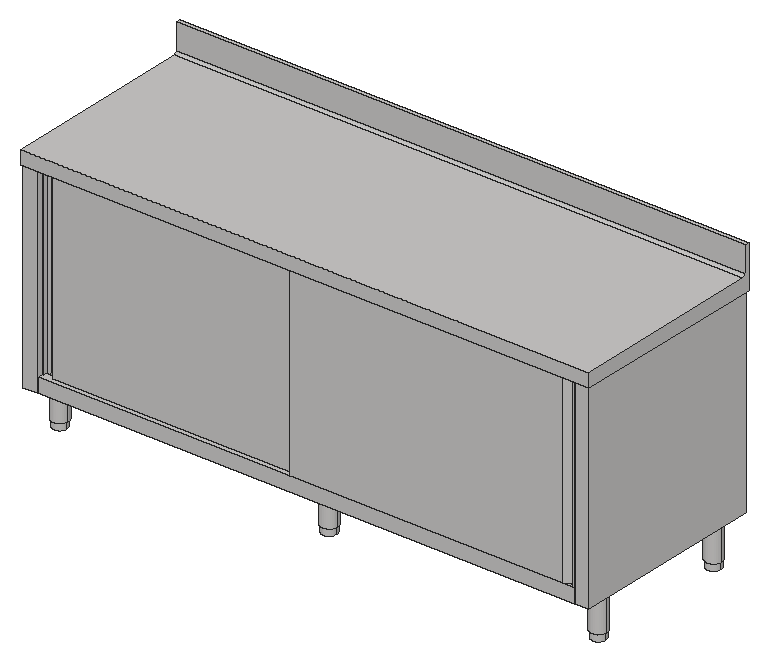
Revit family "QF_ZANUSSI_132867_MS2017N", category Attrezzature speciali, Revit 2020
Family settings
  Quota connettore circolare = Usa diametro
  Tipo di parte = Normale
  Basato su piano di lavoro = No
  Sempre verticale = Sì
  Taglio con vuoti quando caricato = No
  Condiviso = No
  Punto di calcolo locali = No
Parameters (values of type "Standard")
  Weight = 75.00 kg
  Watts = 0 W
  Volts = 0 V
  URL Manufacturer = "http://www.zanussiprofessional.com"
  URL = "http://www.zanussiprofessional.com"
  Steam Supply Size = 0 mm
  Steam Supply Minimum Pressure = 0.0 Pa
  Steam Supply Maximum Pressure = 0.0 Pa
  Steam Consumption per Hour = 0
  Refrigeration Suction Line Size = 0.0 mm
  Refrigeration Liquid Line Size = 0.0 mm
  Refrigerant Compressor Remote = yes
  Prospetto di default = 0.0 mm
  Produttore = "Zanussi"
  Phase = 0
  Modello = "MS2017N"
  Length Actual = 2000.0 mm  # constant formula
  Item Number = "132867"
  Hot Water Size = 0 mm
  Height Actual = 1000.0 mm  # constant formula
  HP = "0 HP"
  Gas Size = 0 mm
  Gas KW = 0
  Gas Input Pressure = 0 W
  Direct Waste Size = 0 mm
  Descrizione = "WORKTOP CUPBOARD WITH UPSTAND 2000MM"
  Depth Actual = 700.0 mm  # constant formula
  Cycle = 0 Hz
  Condensate Return Size = 0 mm
  Compressed Air Volume = 0.0 L/s
  Compressed Air Size = 0 mm
  Compressed Air Pressure = 0.0 Pa
  Cold Water Size = 0 mm
  Accessory = yes
Reference planes
  plane 1 "Center (Front/Back)": y = 0
  plane 2: z = 0
  plane 3 "Center (Left/Right)": x = -500
  plane 4 "LEFT": x = -1500
  plane 5 "RIGHT": x = 500
  plane 6 "BACK": y = 350
  plane 7 "FRONT": y = -350
  plane 8 "Base": z = 850
  plane 9 "TOP": z = 900
  plane 10: x = -1446.9
  plane 11: x = 446.9
  plane 12: y = 264.5
  plane 13: y = -241.9
  plane 14 "BodyLeft": x = -1494.5
  plane 15 "BodyFront": y = -344.5
  plane 16 "BodyRight": x = 494.5
  plane 17 "BodyBack": y = 344.5
  plane 18 "FEET": z = 150
  plane 19: x = -444.5
  plane 20: x = -555.5
Forms (mm)
  Extrusion 1, solid, material "QF_Finishes_Stainless Steel"
    sketch origin (-500, 0, 0) x (0, 1, 0) y (0, 0, 1)
      loop
        line (-350, 850) -> (350, 850) -> (350, 1000) -> (337, 1000) -> (337, 910)
        arc (337, 910) -> (334.071, 902.929) -> (327, 900) r 10
        line (327, 900) -> (-350, 900) -> (-350, 850)
    from 1000 to -1000
  Extrusion 2, solid, material "QF_Finishes_Stainless Steel"
    sketch origin (0, 0, 150) x (-1, 0, 0) y (0, -1, 0)
      loop
        line (1494.5, -344.5) -> (1494.5, 344.5) -> (1444.5, 344.5) -> (1444.5, -344.5) -> (1494.5, -344.5)
      loop
        line (-444.5, -344.5) -> (-444.5, 344.5) -> (-494.5, 344.5) -> (-494.5, -344.5) -> (-444.5, -344.5)
    from 0 to 700
  Extrusion 3, solid, material "QF_Finishes_Stainless Steel"
    sketch origin (0, 0, 150) x (-1, 0, 0) y (0, -1, 0)
      loop
        line (1443.585, -344.5) -> (1443.585, 344.5) -> (-444.5, 344.5) -> (-444.5, -344.5) -> (1443.585, -344.5)
    from 0 to 50
  Extrusion 4, solid, material "QF_Finishes_Stainless Steel"
    sketch origin (0, 0, 150) x (-1, 0, 0) y (0, -1, 0)
      loop
        line (1443.585, -344.5) -> (1443.585, -294.5) -> (-444.5, -294.5) -> (-444.5, -344.5) -> (1443.585, -344.5)
    from 50 to 700
  Extrusion 5, solid, material "QF_Finishes_Stainless Steel"
    sketch origin (0, 0, 150) x (-1, 0, 0) y (0, -1, 0)
      loop
        line (-444.5, 344.5) -> (-444.5, 324.5) -> (555.5, 324.5) -> (555.5, 344.5) -> (-404.5, 344.5) -> (-424.5, 329.5) -> (-439.5, 329.5) -> (-439.5, 344.5) -> (-444.5, 344.5)
    from 50 to 700
  Extrusion 6, solid, material "QF_Finishes_Stainless Steel"
    sketch origin (0, 20, 150) x (1, 0, 0) y (0, 1, 0)
      loop
        line (-1444.5, -344.5) -> (-1439.5, -344.5) -> (-1439.5, -329.5) -> (-1424.5, -329.5) -> (-1404.5, -344.5) -> (-444.5, -344.5) -> (-444.5, -324.5) -> (-1444.5, -324.5) -> (-1444.5, -344.5)
    from 50 to 700
Lines and regions (mm)
  symbolic lines
    curve 1: line (500, 350, 900) -> (-1500, 350, 900)
    curve 2: line (-1500, 350, 900) -> (-1500, -350, 900)
    curve 3: line (-1500, -350, 900) -> (500, -350, 900)
    curve 4: line (500, -350, 900) -> (500, 350, 900)
    curve 5: line (-1500, 337, 900) -> (500, 337, 900)
  symbolic lines, style "SpecialityEquipmentHiddenLines"
    curve 6: line (-1494.5, -344.5, 150) -> (-1494.5, 344.5, 150)
    curve 7: line (-1494.5, 344.5, 150) -> (494.5, 344.5, 150)
    curve 8: line (494.5, 344.5, 150) -> (494.5, -344.5, 150)
    curve 9: line (494.5, -344.5, 150) -> (-1494.5, -344.5, 150)
    curve 10: line (-1444.5, -304.5, 150) -> (-444.5, -304.5, 150)
    curve 11: line (-444.5, -304.5, 150) -> (-444.5, -324.5, 150)
    curve 12: line (444.5, -324.5, 150) -> (-1444.5, -324.5, 150)
    curve 13: line (-1444.5, -324.5, 150) -> (-1444.5, -304.5, 150)
    curve 14: line (-555.5, -344.5, 150) -> (-555.5, -324.5, 150)
Dimensions and locks
  plane 4 "LEFT" to plane 5 "RIGHT" = 2000.0 mm
  equal spacing: plane 4 "LEFT", plane 3 "Center (Left/Right)", plane 5 "RIGHT"
  locked: plane 8 "Base" to level at 850
  locked: Extrusion 1 to level at 1000
  plane 9 "TOP" to level = 900.0 mm
  plane 6 "BACK" to plane 7 "FRONT" = 700.0 mm
  equal spacing: plane 6 "BACK", plane 1 "Center (Front/Back)", plane 7 "FRONT"
  locked: plane 4 "LEFT" to plane 14 "BodyLeft" at 5.5
  locked: plane 16 "BodyRight" to plane 5 "RIGHT" at 5.5
  locked: plane 15 "BodyFront" to plane 7 "FRONT" at 5.5
  locked: plane 6 "BACK" to plane 17 "BodyBack" at 5.5
  locked: plane 14 "BodyLeft" to plane 10 at 47.6
  locked: plane 11 to plane 16 "BodyRight" at 47.6
  locked: plane 13 to plane 15 "BodyFront" at 102.6
  locked: plane 17 "BodyBack" to plane 12 at 80
  plane 10 to plane 11 = 1893.8 mm
  plane 12 to plane 13 = 506.4 mm
  locked: plane 14 "BodyLeft" to Extrusion 2 sketch curve at 50
  locked: Extrusion 2 sketch curve to Extrusion 2 sketch curve at 50
  Extrusion 3 to Extrusion 4 sketch curve = 50.0 mm
  Extrusion 2 to plane 19 = 1000.0 mm
  plane 20 to Extrusion 2 = 1000.0 mm
  locked: plane 18 "FEET" to level at 150
  aligned and locked: level to plane 2
  aligned and locked: plane 10 to nested 1
  aligned and locked: nested 1 to plane 13
  aligned and locked: plane 11 to nested 2
  aligned and locked: nested 2 to plane 13
  aligned and locked: plane 11 to nested 4
  aligned and locked: nested 4 to plane 12
  aligned and locked: plane 10 to nested 3
  aligned and locked: nested 3 to plane 12
  aligned and locked: Extrusion 1 to plane 4 "LEFT"
  aligned and locked: plane 5 "RIGHT" to Extrusion 1
  aligned and locked: curve 2 to plane 4 "LEFT"
  aligned and locked: plane 17 "BodyBack" to Extrusion 2 sketch curve
  aligned and locked: Extrusion 2 sketch curve to plane 15 "BodyFront"
  aligned and locked: Extrusion 2 sketch curve to plane 14 "BodyLeft"
  aligned and locked: plane 16 "BodyRight" to Extrusion 2 sketch curve
  aligned and locked: Extrusion 2 sketch curve to plane 17 "BodyBack"
  aligned and locked: plane 15 "BodyFront" to Extrusion 2 sketch curve
  aligned and locked: Extrusion 3 sketch curve to plane 17 "BodyBack"
  aligned and locked: plane 15 "BodyFront" to Extrusion 3 sketch curve
  aligned and locked: plane 8 "Base" to Extrusion 2
  aligned and locked: plane 8 "Base" to Extrusion 5
  aligned and locked: Extrusion 5 to Extrusion 3
  aligned and locked: Extrusion 6 sketch curve to plane 19
  aligned and locked: Extrusion 5 sketch curve to plane 20
  aligned and locked: curve 7 to plane 17 "BodyBack"
  aligned and locked: Extrusion 2 to plane 14 "BodyLeft"
  aligned and locked: plane 16 "BodyRight" to curve 8
  aligned and locked: plane 15 "BodyFront" to curve 9
  aligned and locked: plane 3 "Center (Left/Right)" to nested 5
  aligned and locked: plane 3 "Center (Left/Right)" to nested 6
Automatic sketch dimensions
  curve 3 to plane 7 "FRONT" = 0.0 mm
  curve 5 to plane 5 "RIGHT" = 0.0 mm
  curve 4 to plane 6 "BACK" = 0.0 mm
  curve 5 to plane 17 "BodyBack" = 7.5 mm
  Extrusion 1 sketch curve to plane 7 "FRONT" = 0.0 mm
  Extrusion 1 sketch curve to plane 9 "TOP" = 0.0 mm
  Extrusion 1 sketch curve to plane 6 "BACK" = 0.0 mm
  Extrusion 1 sketch curve to plane 8 "Base" = 0.0 mm
  Extrusion 1 sketch curve to plane 17 "BodyBack" = 17.5 mm
  Extrusion 1 sketch curve to plane 17 "BodyBack" = 7.5 mm
  Extrusion 1 sketch curve to Extrusion 1 sketch curve = 90.0 mm
  Extrusion 5 sketch curve to plane 15 "BodyFront" = 0.0 mm  (x2)
  Extrusion 5 sketch curve to plane 11 = 2.4 mm
  Extrusion 5 sketch curve to Extrusion 5 sketch curve = 5.0 mm
  Extrusion 5 sketch curve to Extrusion 5 sketch curve = 15.0 mm
  Extrusion 5 sketch curve to Extrusion 5 sketch curve = 20.0 mm
  plane 15 "BodyFront" to Extrusion 5 sketch curve = 15.0 mm
  plane 15 "BodyFront" to Extrusion 5 sketch curve = 20.0 mm
  Extrusion 6 sketch curve to plane 15 "BodyFront" = 20.0 mm  (x2)
  Extrusion 6 sketch curve to plane 10 = 2.4 mm
  Extrusion 6 sketch curve to Extrusion 6 sketch curve = 5.0 mm
  Extrusion 6 sketch curve to Extrusion 6 sketch curve = 15.0 mm
  Extrusion 6 sketch curve to Extrusion 6 sketch curve = 20.0 mm  (x2)
  Extrusion 6 sketch curve to plane 15 "BodyFront" = 35.0 mm
  Extrusion 3 sketch curve to plane 11 = 2.4 mm
  plane 10 to Extrusion 3 sketch curve = 3.315 mm
  Extrusion 4 sketch curve to plane 11 = 2.4 mm
  plane 10 to Extrusion 4 sketch curve = 3.315 mm
  curve 10 to plane 19 = 0.0 mm
  curve 14 to plane 20 = 0.0 mm
  curve 7 to plane 14 "BodyLeft" = 0.0 mm
  plane 10 to curve 13 = 2.4 mm
  curve 10 to curve 13 = 20.0 mm
  curve 12 to plane 11 = 2.4 mm
  plane 15 "BodyFront" to curve 14 = 20.0 mm
Nested families
  nested 1: "FEET_D58-150" at (-1446.9, -241.9, 0), type "FEET_D58-150"
  nested 2: "FEET_D58-150" at (446.9, -241.9, 0), type "FEET_D58-150"
  nested 3: "FEET_D58-150" at (-1446.9, 264.5, 0), type "FEET_D58-150"
  nested 4: "FEET_D58-150" at (446.9, 264.5, 0), type "FEET_D58-150"
  nested 5: "FEET_D58-150" at (-500, -241.9, 0), type "FEET_D58-150"
  nested 6: "FEET_D58-150" at (-500, 264.5, 0), type "FEET_D58-150"
Definition of nested family "FEET_D58-150"
  Parameters
    Default Elevation = 0.0 mm
    FEET = 150.0 mm
  Reference planes
    plane 1 "Center (Front/Back)": y = 0
    plane 2: z = 0
    plane 3 "Center (Left/Right)": x = 0
    plane 4: z = 150
  Forms (mm)
    Extrusion 1, solid
      sketch origin (0, 0, 0) x (1, 0, 0) y (0, 1, 0)
        loop
          circle (0, 0) r 25
      from 0 to 25
    Extrusion 2, solid
      sketch origin (0, 0, 0) x (1, 0, 0) y (0, 1, 0)
        loop
          circle (0.061, 0) r 29
      from 25 to 150 <- "FEET"
  Lines and regions (mm)
    symbolic lines
      curve 1: line (0, -1.503, 0) -> (0, 1.508, 0)
      curve 2: line (1.561, 0, 0) -> (-1.439, 0, 0)
  Dimensions and locks
    "FEET": plane 4 to plane 2
    aligned and locked: level to plane 2
  Automatic sketch dimensions
    plane 1 "Center (Front/Back)" to Extrusion 1 sketch curve = 0.0 mm
    Extrusion 1 sketch curve to plane 3 "Center (Left/Right)" = 0.0 mm
    plane 1 "Center (Front/Back)" to curve 2 = 0.0 mm
    curve 1 to plane 3 "Center (Left/Right)" = 0.0 mm
    curve 2 to plane 3 "Center (Left/Right)" = 1.439 mm
    plane 3 "Center (Left/Right)" to curve 2 = 1.561 mm
    plane 1 "Center (Front/Back)" to curve 1 = 1.503 mm
    curve 1 to plane 1 "Center (Front/Back)" = 1.508 mm
    plane 1 "Center (Front/Back)" to Extrusion 2 sketch curve = 0.0 mm
    plane 3 "Center (Left/Right)" to Extrusion 2 sketch curve = 0.061 mm
    radius of Extrusion 1 sketch curve = 25.0 mm
    radius of Extrusion 2 sketch curve = 29.0 mm
